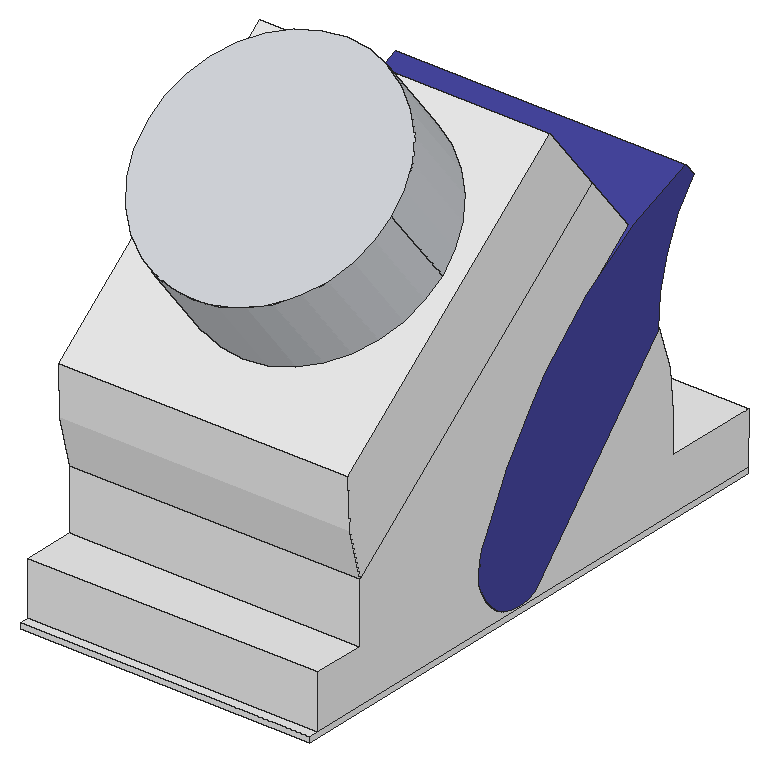
Revit family "Building-IEC309Connections-GEWISS-COMBIBLOC-INTERLOCKED-SOCKET-OUTLETS_IP55_WITHOUT_BOTTOM", category Apparecchi elettrici, host Superficie, Revit 2019
Family settings
  Host = Superficie
  Mantenere orientamento annotazione = Sì
  Quota connettore circolare = Usa diametro
  Tipo di parte = Normale
  Taglio con vuoti quando caricato = No
  Condiviso = No
  Punto di calcolo locali = Sì
Parameters (values of type "GW66486 - COMBIBLOC N.B.IP55 3P+N+E 32A 400V 6H")
  visibilita posizionamento 2d [instance] = yes
  simbolo acceso [instance] = yes
  oggetto in pianta [instance] = not(visibilita posizionamento 2d)  # no
  distanza_simbolo [instance] = 1 mm
  distanza dal piano [instance] = 10 mm
  With back-mounting box = "No"
  W = 115 mm  # constant formula
  Voltaggio = 0 V
  Version file RFA = "21.4"
  VETRO = Vetro
  URL = "https://www.gewiss.com/ww/en"
  Typology = "Compact"
  Thermo-pressure with ball = "125 °C"
  Technical sheet = "https://www.gewiss.com/ww/en/search?q=GW66486"
  Spostamento_effettivo_S [instance] = 4000 mm - Spostamento_S  # 2500 mm
  Spostamento_S = 1500 mm
  Simbolo circuito [instance] = not(simbolo acceso)  # no
  Shock resistance = "IK08"
  STRUTTURA ALTA = blue
  STRUTTURA = RAL - 7035
  SEO = "Interlocked outlet"
  Reference h = "6"
  Realized by GEWISS S.p.A. = ""
  Rated voltage = "380-415V"
  Rated current (A) = "32"
  Protection = "NO (SBF)"
  Default Elevation = 1219.2 mm
  Produttore = "GEWISS S.p.A."
  PRESA = Giallo
  POMELLO = bianco
  Operating temperature: = "-25 +40 °C"
  No. of poles = "3P+N+E"
  N.poli = 1
  Modello = "GW66486"
  L = 155 mm  # constant formula
  Immagine tipo = COMBIBLOC55.jpg
  IP degree = "IP55"
  IDT = "73411960965b40fc900c2c175d51bdd6"
  IDF = "4224a358-be41-4ae5-826c-8098fafd2300"
  Glow wire test: = "850 °C (active parts) - 650 °C (passive parts)"
  Frequency = "50/60 Hz"
  FORMULA = 1000 mm * 1  # 1000 mm
  Electrocod = "2221"
  Descrizione = "COMBIBLOC N.B.IP55 3P+N+E 32A 400V 6H"
  Colour: = "Red"
  Catalogue = "BUILDING"
  COBie.Tagnumber = ""
  COBie.CreatedOn = ""
  COBie.CreatebBy = ""
  COBie.ComponentRegisterItemID = ""
  COBie.Component.TagNumber = ""
  COBie.Component.Space = ""
  COBie.Component.SerialNumber = ""
  COBie.Component.InstallationDate = ""
  COBie.Component.Description = ""
  COBie.Component.BarCode = ""
  BLOCCO = "B=C"
Types (18, lengths in mm): name | Technical sheet | Reference h | Rated voltage | Rated current (A) | No. of poles | Modello | IDT | Descrizione | Colour:
  GW66467 - COMBIBLOC N.B.IP55 2P+E 16A 110V 4H | "https://www.gewiss.com/ww/en/search?q=GW66467" | "4" | "100-130V" | "16" | "2P+E" | "GW66467" | "91d181816ab74a7887c30577c38b9179" | "COMBIBLOC N.B.IP55 2P+E 16A 110V 4H" | "Yellow"
  GW66468 - COMBIBLOC N.B.IP55 3P+E 16A 110V 4H | "https://www.gewiss.com/ww/en/search?q=GW66468" | "4" | "100-130V" | "16" | "3P+E" | "GW66468" | "7b8739076f6d4efb86249ccf2c04780c" | "COMBIBLOC N.B.IP55 3P+E 16A 110V 4H" | "Yellow"
  GW66469 - COMBIBLOC N.B.IP55 3P+N+E 16A 110V 4H | "https://www.gewiss.com/ww/en/search?q=GW66469" | "4" | "100-130V" | "16" | "3P+N+E" | "GW66469" | "c21ebcd08dab43c693dbd460db3ea952" | "COMBIBLOC N.B.IP55 3P+N+E 16A 110V 4H" | "Yellow"
  GW66470 - COMBIBLOC N.B.IP55 2P+E 16A 230V 6H | "https://www.gewiss.com/ww/en/search?q=GW66470" | "6" | "200-250V" | "16" | "2P+E" | "GW66470" | "24fdb39783c94ad28d8f7dc168f53ffc" | "COMBIBLOC N.B.IP55 2P+E 16A 230V 6H" | "Blue"
  GW66471 - COMBIBLOC N.B.IP55 3P+E 16A 230V 9H | "https://www.gewiss.com/ww/en/search?q=GW66471" | "9" | "200-250V" | "16" | "3P+E" | "GW66471" | "9e3ce111bba44df48fc1a78e4a42b186" | "COMBIBLOC N.B.IP55 3P+E 16A 230V 9H" | "Blue"
  GW66472 - COMBIBLOC N.B.IP55 3P+N+E 16A 230V 9H | "https://www.gewiss.com/ww/en/search?q=GW66472" | "9" | "200-250V" | "16" | "3P+N+E" | "GW66472" | "db3861c8fb374675a45483f3a3b2b8e7" | "COMBIBLOC N.B.IP55 3P+N+E 16A 230V 9H" | "Blue"
  GW66473 - COMBIBLOC N.B.IP55 2P+E 16A 400V 9H | "https://www.gewiss.com/ww/en/search?q=GW66473" | "9" | "380-415V" | "16" | "2P+E" | "GW66473" | "fc58df1474dd4803afbe169fc18a8b52" | "COMBIBLOC N.B.IP55 2P+E 16A 400V 9H" | "Red"
  GW66474 - COMBIBLOC N.B.IP55 3P+E 16A 400V 6H | "https://www.gewiss.com/ww/en/search?q=GW66474" | "6" | "380-415V" | "16" | "3P+E" | "GW66474" | "d0d2e857ea3f4ca7b477182d116963b9" | "COMBIBLOC N.B.IP55 3P+E 16A 400V 6H" | "Red"
  GW66475 - COMBIBLOC N.B.IP55 3P+N+E 16A 400V 6H | "https://www.gewiss.com/ww/en/search?q=GW66475" | "6" | "380-415V" | "16" | "3P+N+E" | "GW66475" | "c54c5b25155d4b3e86ada7ff98b13ec5" | "COMBIBLOC N.B.IP55 3P+N+E 16A 400V 6H" | "Red"
  GW66478 - COMBIBLOC N.B.IP55 2P+E 32A 110V 4H | "https://www.gewiss.com/ww/en/search?q=GW66478" | "4" | "100-130V" | "32" | "2P+E" | "GW66478" | "3db4aa6d410e47109e6fc00bb7aeba2d" | "COMBIBLOC N.B.IP55 2P+E 32A 110V 4H" | "Yellow"
  GW66479 - COMBIBLOC N.B.IP55 3P+E 32A 110V 4H | "https://www.gewiss.com/ww/en/search?q=GW66479" | "4" | "100-130V" | "32" | "3P+E" | "GW66479" | "43600b10a11a47d392a8973657df9edd" | "COMBIBLOC N.B.IP55 3P+E 32A 110V 4H" | "Yellow"
  GW66480 - COMBIBLOC N.B.IP55 3P+N+E 32A 110V 4H | "https://www.gewiss.com/ww/en/search?q=GW66480" | "4" | "100-130V" | "32" | "3P+N+E" | "GW66480" | "180c6cb086b84315874dbed80ba1a0c5" | "COMBIBLOC N.B.IP55 3P+N+E 32A 110V 4H" | "Yellow"
  GW66481 - COMBIBLOC N.B.IP55 2P+E 32A 230V 6H | "https://www.gewiss.com/ww/en/search?q=GW66481" | "6" | "200-250V" | "32" | "2P+E" | "GW66481" | "eeb61ff4bc4749c3800b6f6e9cdd11e0" | "COMBIBLOC N.B.IP55 2P+E 32A 230V 6H" | "Blue"
  GW66482 - COMBIBLOC N.B.IP55 3P+E 32A 230V 9H | "https://www.gewiss.com/ww/en/search?q=GW66482" | "9" | "200-250V" | "32" | "3P+E" | "GW66482" | "cd5111c25be0410a834c30ef687af296" | "COMBIBLOC N.B.IP55 3P+E 32A 230V 9H" | "Blue"
  GW66483 - COMBIBLOC N.B.IP55 3P+N+E 32A 230V 9H | "https://www.gewiss.com/ww/en/search?q=GW66483" | "9" | "200-250V" | "32" | "3P+N+E" | "GW66483" | "094cdd96d87f43f5bd6c99907a28e8ff" | "COMBIBLOC N.B.IP55 3P+N+E 32A 230V 9H" | "Blue"
  GW66484 - COMBIBLOC N.B.IP55 2P+E 32A 400V 9H | "https://www.gewiss.com/ww/en/search?q=GW66484" | "9" | "380-415V" | "32" | "2P+E" | "GW66484" | "0924d88606994c049fc97997cfff4f28" | "COMBIBLOC N.B.IP55 2P+E 32A 400V 9H" | "Red"
  GW66485 - COMBIBLOC N.B.IP55 3P+E 32A 400V 6H | "https://www.gewiss.com/ww/en/search?q=GW66485" | "6" | "380-415V" | "32" | "3P+E" | "GW66485" | "02603141fa4a41e68fe0ad3598a3cd4f" | "COMBIBLOC N.B.IP55 3P+E 32A 400V 6H" | "Red"
  GW66486 - COMBIBLOC N.B.IP55 3P+N+E 32A 400V 6H | "https://www.gewiss.com/ww/en/search?q=GW66486" | "6" | "380-415V" | "32" | "3P+N+E" | "GW66486" | "73411960965b40fc900c2c175d51bdd6" | "COMBIBLOC N.B.IP55 3P+N+E 32A 400V 6H" | "Red"
Reference planes
  plane 1 "Centro (Fronte/Retro)": y = 0
  plane 2: z = 0
  plane 3 "Centro (Sinistra/Destra)": x = 0
  plane 4: x = -3000
  plane 5: x = -500
  plane 6: z = 10
Lines and regions (mm)
  symbolic lines, visible <- "visibilita posizionamento 2d"
    curve 1: line (0, 0, 10) -> (0, 0, 115)
    curve 2: line (0, 0, 115) -> (71, 0, 115)
    curve 3: line (71, 0, 115) -> (71, 0, 10)
    curve 4: line (0, 0, 10) -> (71, 0, 10)
  symbolic lines, visible <- "visibilita posizionamento 2d", not visible
    curve 5: line (0, 0, 0) -> (0, 0, 105)
    curve 6: line (0, 0, 105) -> (71, 0, 105)
    curve 7: line (71, 0, 105) -> (71, 0, 0)
    curve 8: line (0, 0, 0) -> (71, 0, 0)
Dimensions and locks
  plane 4 to plane 3 "Centro (Sinistra/Destra)" = 3000 mm
  "Spostamento_effettivo_S": plane 4 to plane 5
  "distanza dal piano": plane 6 to plane 2
  aligned and locked: plane 2 to host face
  aligned and locked: level to host face
  aligned and locked: nested 1 to plane 5
  aligned and locked: curve 4 to plane 6
  aligned and locked: plane 5 to nested 2
  aligned and locked: plane 3 "Centro (Sinistra/Destra)" to nested 3
  aligned and locked: plane 1 "Centro (Fronte/Retro)" to nested 3
  aligned and locked: nested 3 to plane 3 "Centro (Sinistra/Destra)"
Automatic sketch dimensions
  host sketch curve to host sketch curve = 2438.4 mm  (x2)
  curve 1 to curve 3 = 71 mm
  curve 3 to curve 3 = 105 mm
  curve 5 to curve 7 = 71 mm
  curve 7 to curve 7 = 105 mm
Nested families
  nested 1: "PRESAINDPFUS" at (-500, 247.795, 0), SIMBOLO ACCESO <- "simbolo acceso", Distanza dal muro <- "distanza_simbolo", visible <- "simbolo acceso", type "3P"
    with SIMBOLO ACCESO yes, Distanza dal muro 1 mm, BORDO ACCESO yes
  nested 2: "simbolo_circuitoGW66201N" at (-499.076, 249.682, 0), Distanza dal muro <- "distanza_simbolo", visible <- "Simbolo circuito", type "3P"
    with SIMBOLO ACCESO yes, Distanza dal muro 1 mm, BORDO ACCESO yes
  nested 3: "BASE_IB PRESE INTERBLOC COMPATTE NO FONDO IP55" at (0, 69.265, 0), type "BASE_IB PRESE INTERBLOC COMPATTE NO FONDO IP55"
Connectors
  electrical at (35.5, 64.801, 1.375), driven by "N.poli", driven by "Voltaggio"
    settings: on nested 3, index 1, voltage 0 V, apparent load 0 VA, apparent load phase1 0 VA, apparent load phase2 0 VA, apparent load phase3 0 VA, power factor 1, load classification "Altro", number of poles 1, system type 31, power factor state 1, is connector primary yes, connector utility no, sub classification motor no, connector description ""
Definition of nested family "BASE_IB PRESE INTERBLOC COMPATTE NO FONDO IP55"
  Parameters (values of type "BASE_IB PRESE INTERBLOC COMPATTE NO FONDO IP55")
    POTENZA IN WOLT = 0 V
    N_POLI = 1
    CENTRALE = none
  Reference planes
    plane 1 "Centro (Fronte/Retro)": y = 0
    plane 2: z = 0
    plane 3 "Centro (Sinistra/Destra)": x = 0
    plane 4 "EEE": through (4267.2, -291.041, 143.375) normal (0, -0.788, -0.6157)
    plane 5: x = 71
    plane 6: x = 51
    plane 7: x = 48
  Forms (mm)
    Extrusion 1, solid
      sketch origin (0, -203.338, -237.255) x (0, 0, -1) y (0, 1, 0)
        loop
          line (-322.202, 218.222) -> (-266.481, 146.902) -> (-251.685, 146.876) -> (-251.685, 134.073) -> (-238.63, 134.073) -> (-238.63, 266.073) -> (-251.685, 266.073) -> (-251.685, 242.988) -> (-260.817, 242.988)
          arc (-260.817, 242.988) -> (-271.303, 241.907) -> (-281.357, 238.739) r 51.89
          line (-281.357, 238.739) -> (-239.989, 200.756)
          arc (-239.989, 200.756) -> (-243.657, 186.196) -> (-258.66, 185.608) r 12.53
          arc (-258.66, 185.608) -> (-277.82, 196.415) -> (-294.049, 211.266) r 96.883
          arc (-294.049, 211.266) -> (-301.135, 220.206) -> (-308.19, 229.17) r 3334.308
          line (-308.19, 229.17) -> (-322.202, 218.222)
      from 0 to 71
    Extrusion 2, solid
      sketch origin (0, -203.338, -237.255) x (0, 0, -1) y (0, 1, 0)
        loop
          arc (-313.71, 246.882) -> (-293.021, 210.103) -> (-258.66, 185.608) r 96.883
          arc (-258.66, 185.608) -> (-243.657, 186.196) -> (-239.989, 200.756) r 12.53
          line (-239.989, 200.756) -> (-280.857, 238.28)
          arc (-280.857, 238.28) -> (-296.734, 241.043) -> (-310.55, 249.339) r 43.984
          line (-310.55, 249.339) -> (-313.71, 246.882)
      from 0 to 71
    Extrusion 3, solid
      sketch origin (0, -203.338, -237.255) x (0, 0, -1) y (0, 1, 0)
        loop
          line (-322.202, 218.222) -> (-338.825, 205.235) -> (-290.465, 143.337)
          arc (-290.465, 143.337) -> (-278.287, 143.866) -> (-266.482, 146.903) r 58.569
          line (-266.482, 146.903) -> (-322.202, 218.222)
      from 0 to 71
    Extrusion 4, solid
      sketch origin (2.5, -229.189, -179.411) x (0, -0.788011, -0.615661) y (1, 0, 0)
        loop
          circle (-320.903, 33.712) r 30
      from 79.145 to 104.145
    Extrusion 5, solid
      sketch origin (0, 52.766, -37.165) x (0, 0, -1) y (0, 1, 0)
        loop
          line (-38.54, 9.97) -> (-38.54, -124.428) -> (-37.165, -124.428) -> (-37.165, 9.97) -> (-38.54, 9.97)
      from 0 to 71
    Extrusion 6, solid, not visible
      sketch origin (0, 200.09, -256.103) x (0, 1, 0) y (0, 0, 1)
        loop
          line (-322.202, 218.222) -> (-266.481, 146.902) -> (-251.685, 146.876) -> (-251.685, 134.073) -> (-238.63, 134.073) -> (-238.63, 266.073) -> (-251.685, 266.073) -> (-251.685, 242.988) -> (-260.817, 242.988)
          arc (-260.817, 242.988) -> (-271.303, 241.907) -> (-281.357, 238.739) r 51.89
          line (-281.357, 238.739) -> (-239.989, 200.756)
          arc (-239.989, 200.756) -> (-243.657, 186.196) -> (-258.66, 185.608) r 12.53
          arc (-258.66, 185.608) -> (-277.82, 196.415) -> (-294.049, 211.266) r 96.883
          arc (-294.049, 211.266) -> (-301.135, 220.206) -> (-308.19, 229.17) r 3334.308
          line (-308.19, 229.17) -> (-322.202, 218.222)
      from 0 to 71
    Extrusion 7, solid, not visible
      sketch origin (0, 200.09, -256.103) x (0, 1, 0) y (0, 0, 1)
        loop
          arc (-313.71, 246.882) -> (-293.021, 210.103) -> (-258.66, 185.608) r 96.883
          arc (-258.66, 185.608) -> (-243.657, 186.196) -> (-239.989, 200.756) r 12.53
          line (-239.989, 200.756) -> (-280.857, 238.28)
          arc (-280.857, 238.28) -> (-296.734, 241.043) -> (-310.55, 249.339) r 43.984
          line (-310.55, 249.339) -> (-313.71, 246.882)
      from 0 to 71
    Extrusion 8, solid, not visible
      sketch origin (0, 200.09, -256.103) x (0, 1, 0) y (0, 0, 1)
        loop
          line (-322.202, 218.222) -> (-338.825, 205.235) -> (-290.465, 143.337)
          arc (-290.465, 143.337) -> (-278.287, 143.866) -> (-266.482, 146.903) r 58.569
          line (-266.482, 146.903) -> (-322.202, 218.222)
      from 0 to 71
    Extrusion 9, solid, not visible
      sketch origin (2.5, 142.247, -281.955) x (0, 0.615661, -0.788011) y (1, 0, 0)
        loop
          circle (-320.903, 33.712) r 30
      from 79.145 to 104.145
    Extrusion 10, solid, not visible
      sketch origin (0, 0, 0) x (0, 1, 0) y (0, 0, 1)
        loop
          line (-38.54, 9.97) -> (-38.54, -124.428) -> (-37.165, -124.428) -> (-37.165, 9.97) -> (-38.54, 9.97)
      from 0 to 71
  Dimensions and locks
    plane 3 "Centro (Sinistra/Destra)" to plane 5 = 71 mm
    locked: plane 7 to plane 6 at 3
    Extrusion 4 to Extrusion 3 = 25 mm
    aligned and locked: level to plane 2
    aligned and locked: Extrusion 4 to Extrusion 3
    aligned and locked: Extrusion 9 to Extrusion 8
Definition of nested family "PRESAINDPFUS"
  Parameters (values of type "2P")
    SIMBOLO ACCESO [instance] = yes
    SIMBOLO = PRESAINDPFUS_BASE : 2P
    Distanza dal muro [instance] = 0 mm
    BORDO ACCESO [instance] = yes
  Types (2, lengths in mm): name | SIMBOLO
    2P | PRESAINDPFUS_BASE : 2P
    3P | PRESAINDPFUS_BASE : 3P
  Reference planes
    plane 1: y = 0
    plane 2: x = 0
  Dimensions and locks
    "Distanza dal muro": plane 1 to nested 1
    aligned and locked: plane 2 to nested 1
  Nested families
    nested 1: "PRESAINDPFUS_BASE" at (0, 0, 0), type <- "SIMBOLO", CORNICE SIMBOLO <- "BORDO ACCESO", visible <- "SIMBOLO ACCESO", type "2P"
  Definition of nested family "PRESAINDPFUS_BASE"
    Parameters (values of type "3P")
      CORNICE SIMBOLO [instance] = yes
      3P = yes
    Types (2, lengths in mm): name | 3P
      3P | yes
      2P | no
    Reference planes
      plane 1: y = 0
      plane 2: x = 0
    Lines and regions (mm)
      detail lines, visible <- "CORNICE SIMBOLO"
        curve 1: line (-0.9, 2.4, 0) -> (0.9, 2.4, 0)
        curve 2: line (0.9, 2.4, 0) -> (0.9, 0.1, 0)
        curve 3: line (0.9, 0.1, 0) -> (-0.9, 0.1, 0)
        curve 4: line (-0.9, 0.1, 0) -> (-0.9, 2.4, 0)
      detail lines, not visible
        curve 5: line (-2.443, 10.208, 0) -> (2.057, 10.208, 0)
        curve 6: line (2.057, 10.208, 0) -> (2.057, 4.208, 0)
        curve 7: line (2.057, 4.208, 0) -> (-2.443, 4.208, 0)
        curve 8: line (-2.443, 4.208, 0) -> (-2.443, 10.208, 0)
        curve 9: line (-2.043, 9.808, 0) -> (1.657, 9.808, 0)
        curve 10: line (1.657, 9.808, 0) -> (1.657, 4.608, 0)
        curve 11: line (1.657, 4.608, 0) -> (-2.043, 4.608, 0)
        curve 12: line (-2.043, 4.608, 0) -> (-2.043, 9.808, 0)
      detail lines
        curve 13: line (-0.45, 1.069, 0) -> (-0.167, 1.069, 0)
        curve 14: line (-0.167, 1.069, 0) -> (0.33, 1.929, 0)
        curve 15: line (0.33, 1.929, 0) -> (0.836, 1.636, 0)
        curve 16: line (-0.167, 1.069, 0) -> (-0.45, 0.578, 0)
        curve 17: line (-0.45, 0.578, 0) -> (-0.45, 2.341, 0)
        curve 18: line (0.135, 1.591, 0) -> (0.641, 1.299, 0)
        curve 19: line (-0.84, 0.578, 0) -> (-0.06, 0.578, 0)
        curve 20: line (-0.45, 0.952, 0) -> (-0.333, 1.069, 0)
        curve 21: line (-0.45, 0.883, 0) -> (-0.264, 1.069, 0)
        curve 22: line (-0.45, 0.814, 0) -> (-0.195, 1.069, 0)
        curve 23: line (-0.45, 0.745, 0) -> (-0.223, 0.972, 0)
        curve 24: line (-0.45, 0.676, 0) -> (-0.317, 0.809, 0)
        curve 26: arc (-0.84, 0.189, 0) -> (-0.45, 0.578, 0) -> (-0.06, 0.189, 0) r 0.39
        curve 27: line (-0.608, 1.243, 0) -> (-0.608, 2.064, 0)
        curve 28: line (-0.608, 2.064, 0) -> (-0.292, 2.064, 0)
        curve 29: line (-0.292, 2.064, 0) -> (-0.292, 1.243, 0)
        curve 30: line (-0.292, 1.243, 0) -> (-0.608, 1.243, 0)
      detail lines, visible <- "3P"
        curve 25: line (-0.06, 1.254, 0) -> (0.446, 0.961, 0)
Definition of nested family "simbolo_circuitoGW66201N"
  Parameters (values of type "3P")
    SIMBOLO ACCESO [instance] = yes
    SIMBOLO = PRESAINDSTAGNA_BASE : 3P
    Distanza dal muro [instance] = 0 mm
    BORDO ACCESO [instance] = yes
  Reference planes
    plane 1: y = 0
    plane 2: x = 0
  Dimensions and locks
    "Distanza dal muro": plane 1 to nested 1
    aligned and locked: plane 2 to nested 1
  Nested families
    nested 1: "GW66201N-simb_base_di circuito" at (0, 0, 0), visible <- "SIMBOLO ACCESO", type "3P"
      with CORNICE SIMBOLO yes
  Definition of nested family "GW66201N-simb_base_di circuito"
    Parameters (values of type "3P")
      CORNICE SIMBOLO [instance] = yes
      3P = yes
    Types (2, lengths in mm): name | 3P
      3P | yes
      2P | no
    Reference planes
      plane 1: y = 0
      plane 2: x = 0
    Lines and regions (mm)
      detail lines, not visible
        curve 1: line (-2.443, 10.208, 0) -> (2.057, 10.208, 0)
        curve 2: line (2.057, 10.208, 0) -> (2.057, 4.208, 0)
        curve 3: line (2.057, 4.208, 0) -> (-2.443, 4.208, 0)
        curve 4: line (-2.443, 4.208, 0) -> (-2.443, 10.208, 0)
        curve 5: line (-2.043, 9.808, 0) -> (1.657, 9.808, 0)
        curve 6: line (1.657, 9.808, 0) -> (1.657, 4.608, 0)
        curve 7: line (1.657, 4.608, 0) -> (-2.043, 4.608, 0)
        curve 8: line (-2.043, 4.608, 0) -> (-2.043, 9.808, 0)
    Dimensions and locks
      aligned and locked: import instance to plane 2
      aligned and locked: plane 1 to import instance
